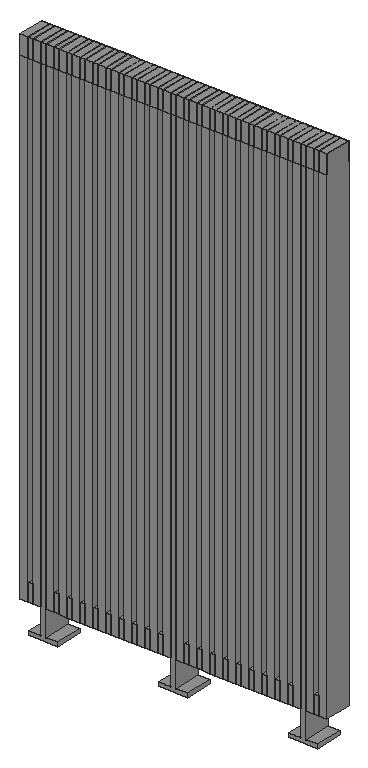
Revit family "13904 Информационный стенд «Линк» XL Хоббика", category Антураж, Revit 2018
Family settings
  На основе рабочей плоскости = Нет
  Всегда вертикально = Да
  При загрузке вырезать с полостями = Нет
  Источник визуального образа = Геометрия семейства
  Общий = Нет
  Точка расчета площади = Нет
Parameters (values of type "Информационный стенд «Линк» XL")
  Ширина = 104 mm  # constant formula
  Цвет отделки = Дерево
  Цвет каркаса = Сталь
  Описание = "Информационный стенд «Линк» XL"  # constant formula
  Материал изделия = "Сталь, дерево"  # constant formula
  Изображение типоразмера = Информационный стенд «Линк» XL Арт 13904.jpg
  Изготовитель = "ООО «Хоббика»"  # constant formula
  Длина = 1180 mm  # constant formula
  Группа модели = "Стенды и указатели"  # constant formula
  Высота = 2062 mm  # constant formula
  Артикул товара = "Арт. 13904"  # constant formula
  URL = "https://hobbyka.ru/product/informatsionnyy_stend_link_xl"
Reference planes
  plane 1 "По центру (Вперед/Назад)": y = 0
  plane 2: z = 0
  plane 3 "По центру (Влево/Вправо)": x = 0
  plane 4: x = 1180
  plane 5: y = 104
  plane 6: z = 2062
Forms (mm)
  Extrusion 1, solid, material "Дерево" <- "Цвет отделки"
    sketch origin (0, 0, 0) x (1, 0, 0) y (0, 0, 1)
      loop
        line (30, 112.904) -> (30, 2062) -> (0, 2062) -> (0, 112.904) -> (30, 112.904)
    from 0 to -105
  Extrusion 2, solid, material "Дерево" <- "Цвет отделки"
    sketch origin (1150, 0, 0) x (1, 0, 0) y (0, 0, 1)
      loop
        line (30, 112.904) -> (30, 2062) -> (0, 2062) -> (0, 112.904) -> (30, 112.904)
    from 0 to -105
  Extrusion 3, solid, material "Дерево" <- "Цвет отделки"
    sketch origin (50, 0, 0) x (1, 0, 0) y (0, 0, 1)
      loop
        line (30, 112.904) -> (30, 2062) -> (0, 2062) -> (0, 112.904) -> (30, 112.904)
    from 0 to -105
  Extrusion 4, solid, material "Дерево" <- "Цвет отделки"
    sketch origin (100, 0, 0) x (1, 0, 0) y (0, 0, 1)
      loop
        line (30, 112.904) -> (30, 2062) -> (0, 2062) -> (0, 112.904) -> (30, 112.904)
    from 0 to -105
  Extrusion 5, solid, material "Дерево" <- "Цвет отделки"
    sketch origin (150, 0, 0) x (1, 0, 0) y (0, 0, 1)
      loop
        line (30, 112.904) -> (30, 2062) -> (0, 2062) -> (0, 112.904) -> (30, 112.904)
    from 0 to -105
  Extrusion 6, solid, material "Дерево" <- "Цвет отделки"
    sketch origin (200, 0, 0) x (1, 0, 0) y (0, 0, 1)
      loop
        line (30, 112.904) -> (30, 2062) -> (0, 2062) -> (0, 112.904) -> (30, 112.904)
    from 0 to -105
  Extrusion 7, solid, material "Дерево" <- "Цвет отделки"
    sketch origin (250, 0, 0) x (1, 0, 0) y (0, 0, 1)
      loop
        line (30, 112.904) -> (30, 2062) -> (0, 2062) -> (0, 112.904) -> (30, 112.904)
    from 0 to -105
  Extrusion 8, solid, material "Дерево" <- "Цвет отделки"
    sketch origin (300, 0, 0) x (1, 0, 0) y (0, 0, 1)
      loop
        line (30, 112.904) -> (30, 2062) -> (0, 2062) -> (0, 112.904) -> (30, 112.904)
    from 0 to -105
  Extrusion 9, solid, material "Дерево" <- "Цвет отделки"
    sketch origin (350, 0, 0) x (1, 0, 0) y (0, 0, 1)
      loop
        line (30, 112.904) -> (30, 2062) -> (0, 2062) -> (0, 112.904) -> (30, 112.904)
    from 0 to -105
  Extrusion 10, solid, material "Дерево" <- "Цвет отделки"
    sketch origin (400, 0, 0) x (1, 0, 0) y (0, 0, 1)
      loop
        line (30, 112.904) -> (30, 2062) -> (0, 2062) -> (0, 112.904) -> (30, 112.904)
    from 0 to -105
  Extrusion 11, solid, material "Дерево" <- "Цвет отделки"
    sketch origin (450, 0, 0) x (1, 0, 0) y (0, 0, 1)
      loop
        line (30, 112.904) -> (30, 2062) -> (0, 2062) -> (0, 112.904) -> (30, 112.904)
    from 0 to -105
  Extrusion 12, solid, material "Дерево" <- "Цвет отделки"
    sketch origin (500, 0, 0) x (1, 0, 0) y (0, 0, 1)
      loop
        line (30, 112.904) -> (30, 2062) -> (0, 2062) -> (0, 112.904) -> (30, 112.904)
    from 0 to -105
  Extrusion 13, solid, material "Дерево" <- "Цвет отделки"
    sketch origin (550, 0, 0) x (1, 0, 0) y (0, 0, 1)
      loop
        line (30, 112.904) -> (30, 2062) -> (0, 2062) -> (0, 112.904) -> (30, 112.904)
    from 0 to -105
  Extrusion 14, solid, material "Дерево" <- "Цвет отделки"
    sketch origin (600, 0, 0) x (1, 0, 0) y (0, 0, 1)
      loop
        line (30, 112.904) -> (30, 2062) -> (0, 2062) -> (0, 112.904) -> (30, 112.904)
    from 0 to -105
  Extrusion 15, solid, material "Дерево" <- "Цвет отделки"
    sketch origin (650, 0, 0) x (1, 0, 0) y (0, 0, 1)
      loop
        line (30, 112.904) -> (30, 2062) -> (0, 2062) -> (0, 112.904) -> (30, 112.904)
    from 0 to -105
  Extrusion 16, solid, material "Дерево" <- "Цвет отделки"
    sketch origin (700, 0, 0) x (1, 0, 0) y (0, 0, 1)
      loop
        line (30, 112.904) -> (30, 2062) -> (0, 2062) -> (0, 112.904) -> (30, 112.904)
    from 0 to -105
  Extrusion 17, solid, material "Дерево" <- "Цвет отделки"
    sketch origin (0, 0, 0) x (1, 0, 0) y (0, 0, 1)
      loop
        line (50, 2062) -> (30, 2062) -> (30, 1992) -> (50, 1992) -> (50, 2062)
      loop
        line (30, 182.904) -> (30, 112.904) -> (50, 112.904) -> (50, 182.904) -> (30, 182.904)
      loop
        line (100, 2062) -> (80, 2062) -> (80, 1992) -> (100, 1992) -> (100, 2062)
      loop
        line (150, 2062) -> (130, 2062) -> (130, 1992) -> (150, 1992) -> (150, 2062)
      loop
        line (130, 182.904) -> (130, 112.904) -> (150, 112.904) -> (150, 182.904) -> (130, 182.904)
      loop
        line (200, 2062) -> (180, 2062) -> (180, 1992) -> (200, 1992) -> (200, 2062)
      loop
        line (180, 182.904) -> (180, 112.904) -> (200, 112.904) -> (200, 182.904) -> (180, 182.904)
      loop
        line (250, 2062) -> (230, 2062) -> (230, 1992) -> (250, 1992) -> (250, 2062)
      loop
        line (230, 182.904) -> (230, 112.904) -> (250, 112.904) -> (250, 182.904) -> (230, 182.904)
      loop
        line (300, 2062) -> (280, 2062) -> (280, 1992) -> (300, 1992) -> (300, 2062)
      loop
        line (280, 182.904) -> (280, 112.904) -> (300, 112.904) -> (300, 182.904) -> (280, 182.904)
      loop
        line (350, 2062) -> (330, 2062) -> (330, 1992) -> (350, 1992) -> (350, 2062)
      loop
        line (330, 182.904) -> (330, 112.904) -> (350, 112.904) -> (350, 182.904) -> (330, 182.904)
      loop
        line (400, 2062) -> (380, 2062) -> (380, 1992) -> (400, 1992) -> (400, 2062)
      loop
        line (380, 182.904) -> (380, 112.904) -> (400, 112.904) -> (400, 182.904) -> (380, 182.904)
      loop
        line (450, 2062) -> (430, 2062) -> (430, 1992) -> (450, 1992) -> (450, 2062)
      loop
        line (430, 182.904) -> (430, 112.904) -> (450, 112.904) -> (450, 182.904) -> (430, 182.904)
      loop
        line (500, 2062) -> (480, 2062) -> (480, 1992) -> (500, 1992) -> (500, 2062)
      loop
        line (480, 182.904) -> (480, 112.904) -> (500, 112.904) -> (500, 182.904) -> (480, 182.904)
      loop
        line (550, 2062) -> (530, 2062) -> (530, 1992) -> (550, 1992) -> (550, 2062)
      loop
        line (530, 182.904) -> (530, 112.904) -> (550, 112.904) -> (550, 182.904) -> (530, 182.904)
      loop
        line (600, 2062) -> (580, 2062) -> (580, 1992) -> (600, 1992) -> (600, 2062)
      loop
        line (650, 2062) -> (630, 2062) -> (630, 1992) -> (650, 1992) -> (650, 2062)
      loop
        line (630, 182.904) -> (630, 112.904) -> (650, 112.904) -> (650, 182.904) -> (630, 182.904)
      loop
        line (700, 2062) -> (680, 2062) -> (680, 1992) -> (700, 1992) -> (700, 2062)
      loop
        line (750, 2062) -> (730, 2062) -> (730, 1992) -> (750, 1992) -> (750, 2062)
      loop
        line (1130, 182.904) -> (1130, 112.904) -> (1150, 112.904) -> (1150, 182.904) -> (1130, 182.904)
      loop
        line (680, 182.904) -> (680, 112.904) -> (700, 112.904) -> (700, 182.904) -> (680, 182.904)
      loop
        line (730, 182.904) -> (730, 112.904) -> (750, 112.904) -> (750, 182.904) -> (730, 182.904)
      loop
        line (780, 182.904) -> (780, 112.904) -> (800, 112.904) -> (800, 182.904) -> (780, 182.904)
      loop
        line (830, 182.904) -> (830, 112.904) -> (850, 112.904) -> (850, 182.904) -> (830, 182.904)
      loop
        line (880, 182.904) -> (880, 112.904) -> (900, 112.904) -> (900, 182.904) -> (880, 182.904)
      loop
        line (930, 182.904) -> (930, 112.904) -> (950, 112.904) -> (950, 182.904) -> (930, 182.904)
      loop
        line (980, 182.904) -> (980, 112.904) -> (1000, 112.904) -> (1000, 182.904) -> (980, 182.904)
      loop
        line (1030, 182.904) -> (1030, 112.904) -> (1050, 112.904) -> (1050, 182.904) -> (1030, 182.904)
      loop
        line (800, 2062) -> (780, 2062) -> (780, 1992) -> (800, 1992) -> (800, 2062)
      loop
        line (850, 2062) -> (830, 2062) -> (830, 1992) -> (850, 1992) -> (850, 2062)
      loop
        line (900, 2062) -> (880, 2062) -> (880, 1992) -> (900, 1992) -> (900, 2062)
      loop
        line (950, 2062) -> (930, 2062) -> (930, 1992) -> (950, 1992) -> (950, 2062)
      loop
        line (1000, 2062) -> (980, 2062) -> (980, 1992) -> (1000, 1992) -> (1000, 2062)
      loop
        line (1050, 2062) -> (1030, 2062) -> (1030, 1992) -> (1050, 1992) -> (1050, 2062)
      loop
        line (1100, 2062) -> (1080, 2062) -> (1080, 1992) -> (1100, 1992) -> (1100, 2062)
      loop
        line (1150, 2062) -> (1130, 2062) -> (1130, 1992) -> (1150, 1992) -> (1150, 2062)
    from 0 to -105
  Extrusion 18, solid, material "Сталь" <- "Цвет каркаса"
    sketch origin (0, 0, 0) x (1, 0, 0) y (0, 0, 1)
      loop
        line (80, 1992) -> (80, 15) -> (35, 15) -> (35, 0) -> (145, 0) -> (145, 15) -> (100, 15) -> (100, 1992) -> (80, 1992)
      loop
        line (1080, 1992) -> (1080, 15) -> (1035, 15) -> (1035, 0) -> (1145, 0) -> (1145, 15) -> (1100, 15) -> (1100, 1992) -> (1080, 1992)
      loop
        line (580, 1992) -> (580, 15) -> (535, 15) -> (535, 0) -> (645, 0) -> (645, 15) -> (600, 15) -> (600, 1992) -> (580, 1992)
    from 0 to -105
  Extrusion 19, solid, material "Сталь" <- "Цвет каркаса"
    sketch origin (0, 0, 0) x (0, 1, 0) y (0, 0, 1)
      loop
        line (0, 1992) -> (0, 2062) -> (105, 2062) -> (105, 1992) -> (105.8, 1992) -> (105.8, 2062.8) -> (-0.8, 2062.8) -> (-0.8, 1992) -> (0, 1992)
    from 0 to 1180
  Extrusion 20, solid, material "Сталь" <- "Цвет каркаса"
    sketch origin (0, 0, 60) x (0, 1, 0) y (0, 0, 1)
      loop
        line (104, 1243.722) -> (104, 1077) -> (105.5, 1077) -> (105.5, 1243.722) -> (104, 1243.722)
    from 650 to 880
  Extrusion 21, solid, material "Сталь" <- "Цвет каркаса"
    sketch origin (0, 0, 60) x (0, 1, 0) y (0, 0, 1)
      loop
        line (104, 1658.323) -> (104, 1077) -> (105.5, 1077) -> (105.5, 1658.323) -> (104, 1658.323)
    from 50 to 630
  Extrusion 22, solid, material "Сталь" <- "Цвет каркаса"
    sketch origin (0, 0, 60) x (0, 1, 0) y (0, 0, 1)
      loop
        line (104, 1865.371) -> (104, 1682) -> (105.5, 1682) -> (105.5, 1865.371) -> (104, 1865.371)
    from 250 to 1130
  Extrusion 23, solid, material "Сталь" <- "Цвет каркаса"
    sketch origin (0, 0, 60) x (0, 1, 0) y (0, 0, 1)
      loop
        line (104, 1865.371) -> (104, 1682) -> (105.5, 1682) -> (105.5, 1865.371) -> (104, 1865.371)
    from 50 to 230
  Extrusion 24, solid, material "Дерево" <- "Цвет отделки"
    sketch origin (750, 0, 0) x (1, 0, 0) y (0, 0, 1)
      loop
        line (30, 112.904) -> (30, 2062) -> (0, 2062) -> (0, 112.904) -> (30, 112.904)
    from 0 to -105
  Extrusion 25, solid, material "Дерево" <- "Цвет отделки"
    sketch origin (800, 0, 0) x (1, 0, 0) y (0, 0, 1)
      loop
        line (30, 112.904) -> (30, 2062) -> (0, 2062) -> (0, 112.904) -> (30, 112.904)
    from 0 to -105
  Extrusion 26, solid, material "Дерево" <- "Цвет отделки"
    sketch origin (850, 0, 0) x (1, 0, 0) y (0, 0, 1)
      loop
        line (30, 112.904) -> (30, 2062) -> (0, 2062) -> (0, 112.904) -> (30, 112.904)
    from 0 to -105
  Extrusion 27, solid, material "Дерево" <- "Цвет отделки"
    sketch origin (900, 0, 0) x (1, 0, 0) y (0, 0, 1)
      loop
        line (30, 112.904) -> (30, 2062) -> (0, 2062) -> (0, 112.904) -> (30, 112.904)
    from 0 to -105
  Extrusion 28, solid, material "Дерево" <- "Цвет отделки"
    sketch origin (950, 0, 0) x (1, 0, 0) y (0, 0, 1)
      loop
        line (30, 112.904) -> (30, 2062) -> (0, 2062) -> (0, 112.904) -> (30, 112.904)
    from 0 to -105
  Extrusion 29, solid, material "Дерево" <- "Цвет отделки"
    sketch origin (1000, 0, 0) x (1, 0, 0) y (0, 0, 1)
      loop
        line (30, 112.904) -> (30, 2062) -> (0, 2062) -> (0, 112.904) -> (30, 112.904)
    from 0 to -105
  Extrusion 30, solid, material "Дерево" <- "Цвет отделки"
    sketch origin (1050, 0, 0) x (1, 0, 0) y (0, 0, 1)
      loop
        line (30, 112.904) -> (30, 2062) -> (0, 2062) -> (0, 112.904) -> (30, 112.904)
    from 0 to -105
  Extrusion 31, solid, material "Дерево" <- "Цвет отделки"
    sketch origin (1100, 0, 0) x (1, 0, 0) y (0, 0, 1)
      loop
        line (30, 112.904) -> (30, 2062) -> (0, 2062) -> (0, 112.904) -> (30, 112.904)
    from 0 to -105
  Extrusion 32, solid, material "Сталь" <- "Цвет каркаса"
    sketch origin (0, 0, 470) x (0, 1, 0) y (0, 0, 1)
      loop
        line (104, 1248.323) -> (104, 870.371) -> (105.5, 870.371) -> (105.5, 1248.323) -> (104, 1248.323)
    from 650 to 1130
  Extrusion 33, solid, material "Сталь" <- "Цвет каркаса"
    sketch origin (0, 0, 60) x (0, 1, 0) y (0, 0, 1)
      loop
        line (104, 1243.722) -> (104, 1077) -> (105.5, 1077) -> (105.5, 1243.722) -> (104, 1243.722)
    from 900 to 1130
Dimensions and locks
  "Ширина": plane 5 to plane 1 "По центру (Вперед/Назад)"
  "Длина": plane 3 "По центру (Влево/Вправо)" to plane 4
  "Высота": plane 6 to plane 2
  plane 4 to plane 3 "По центру (Влево/Вправо)" = 1180 mm
  equal spacing: group 1, group 3, group 4, group 5, group 6, group 7, group 8, group 9, group 10, group 11, group 12, group 13, group 14, group 15, group 16, group 17, group 18, group 19, group 20, group 21, group 22, group 23, group 24, group 2  (x3)
  aligned and locked: level to plane 2
Automatic sketch dimensions
  Extrusion 1 sketch curve to Extrusion 1 sketch curve = 30 mm
  Extrusion 1 sketch curve to Extrusion 1 sketch curve = 1949.096 mm
  Extrusion 2 sketch curve to Extrusion 2 sketch curve = 30 mm
  Extrusion 2 sketch curve to Extrusion 2 sketch curve = 1949.096 mm
  Extrusion 3 sketch curve to Extrusion 3 sketch curve = 30 mm
  Extrusion 3 sketch curve to Extrusion 3 sketch curve = 1949.096 mm
  Extrusion 4 sketch curve to Extrusion 4 sketch curve = 30 mm
  Extrusion 4 sketch curve to Extrusion 4 sketch curve = 1949.096 mm
  Extrusion 5 sketch curve to Extrusion 5 sketch curve = 30 mm
  Extrusion 5 sketch curve to Extrusion 5 sketch curve = 1949.096 mm
  Extrusion 6 sketch curve to Extrusion 6 sketch curve = 30 mm
  Extrusion 6 sketch curve to Extrusion 6 sketch curve = 1949.096 mm
  Extrusion 7 sketch curve to Extrusion 7 sketch curve = 30 mm
  Extrusion 7 sketch curve to Extrusion 7 sketch curve = 1949.096 mm
  Extrusion 8 sketch curve to Extrusion 8 sketch curve = 30 mm
  Extrusion 8 sketch curve to Extrusion 8 sketch curve = 1949.096 mm
  Extrusion 9 sketch curve to Extrusion 9 sketch curve = 30 mm
  Extrusion 9 sketch curve to Extrusion 9 sketch curve = 1949.096 mm
  Extrusion 10 sketch curve to Extrusion 10 sketch curve = 30 mm
  Extrusion 10 sketch curve to Extrusion 10 sketch curve = 1949.096 mm
  Extrusion 11 sketch curve to Extrusion 11 sketch curve = 30 mm
  Extrusion 11 sketch curve to Extrusion 11 sketch curve = 1949.096 mm
  Extrusion 12 sketch curve to Extrusion 12 sketch curve = 30 mm
  Extrusion 12 sketch curve to Extrusion 12 sketch curve = 1949.096 mm
  Extrusion 13 sketch curve to Extrusion 13 sketch curve = 30 mm
  Extrusion 13 sketch curve to Extrusion 13 sketch curve = 1949.096 mm
  Extrusion 14 sketch curve to Extrusion 14 sketch curve = 30 mm
  Extrusion 14 sketch curve to Extrusion 14 sketch curve = 1949.096 mm
  Extrusion 15 sketch curve to Extrusion 15 sketch curve = 30 mm
  Extrusion 15 sketch curve to Extrusion 15 sketch curve = 1949.096 mm
  Extrusion 16 sketch curve to Extrusion 16 sketch curve = 30 mm
  Extrusion 16 sketch curve to Extrusion 16 sketch curve = 1949.096 mm
  Extrusion 24 sketch curve to Extrusion 24 sketch curve = 30 mm
  Extrusion 24 sketch curve to Extrusion 24 sketch curve = 1949.096 mm
  Extrusion 25 sketch curve to Extrusion 25 sketch curve = 30 mm
  Extrusion 25 sketch curve to Extrusion 25 sketch curve = 1949.096 mm
  Extrusion 26 sketch curve to Extrusion 26 sketch curve = 30 mm
  Extrusion 26 sketch curve to Extrusion 26 sketch curve = 1949.096 mm
  Extrusion 27 sketch curve to Extrusion 27 sketch curve = 30 mm
  Extrusion 27 sketch curve to Extrusion 27 sketch curve = 1949.096 mm
  Extrusion 28 sketch curve to Extrusion 28 sketch curve = 30 mm
  Extrusion 28 sketch curve to Extrusion 28 sketch curve = 1949.096 mm
  Extrusion 29 sketch curve to Extrusion 29 sketch curve = 30 mm
  Extrusion 29 sketch curve to Extrusion 29 sketch curve = 1949.096 mm
  Extrusion 30 sketch curve to Extrusion 30 sketch curve = 30 mm
  Extrusion 30 sketch curve to Extrusion 30 sketch curve = 1949.096 mm
  Extrusion 31 sketch curve to Extrusion 31 sketch curve = 30 mm
  Extrusion 31 sketch curve to Extrusion 31 sketch curve = 1949.096 mm
  Extrusion 17 sketch curve to plane 6 = 0 mm  (x23)
  plane 3 "По центру (Влево/Вправо)" to Extrusion 17 sketch curve = 30 mm  (x2)
  Extrusion 17 sketch curve to Extrusion 17 sketch curve = 20 mm  (x43)
  Extrusion 17 sketch curve to Extrusion 17 sketch curve = 30 mm  (x38)
  Extrusion 17 sketch curve to Extrusion 17 sketch curve = 80 mm  (x2)
  Extrusion 17 sketch curve to plane 4 = 50 mm
  Extrusion 17 sketch curve to plane 6 = 70 mm  (x4)
  Extrusion 17 sketch curve to Extrusion 17 sketch curve = 0 mm  (x49)
  level to Extrusion 17 sketch curve = 182.904 mm  (x3)
  Extrusion 17 sketch curve to Extrusion 17 sketch curve = 70 mm  (x7)
  Extrusion 18 sketch curve to level = 0 mm  (x3)
  level to Extrusion 18 sketch curve = 15 mm  (x6)
  plane 3 "По центру (Влево/Вправо)" to Extrusion 18 sketch curve = 35 mm
  plane 3 "По центру (Влево/Вправо)" to Extrusion 18 sketch curve = 80 mm
  Extrusion 18 sketch curve to Extrusion 18 sketch curve = 20 mm  (x3)
  Extrusion 18 sketch curve to Extrusion 18 sketch curve = 45 mm  (x3)
  Extrusion 18 sketch curve to Extrusion 18 sketch curve = 390 mm
  Extrusion 18 sketch curve to plane 6 = 70 mm  (x3)
  Extrusion 18 sketch curve to Extrusion 18 sketch curve = 480 mm
  Extrusion 18 sketch curve to plane 4 = 145 mm
  Extrusion 18 sketch curve to plane 4 = 35 mm
  Extrusion 19 sketch curve to plane 1 "По центру (Вперед/Назад)" = 0 mm
  plane 5 to Extrusion 19 sketch curve = 1 mm
  Extrusion 19 sketch curve to plane 6 = 0 mm
  plane 1 "По центру (Вперед/Назад)" to Extrusion 19 sketch curve = 0.8 mm
  plane 5 to Extrusion 19 sketch curve = 1.8 mm
  Extrusion 19 sketch curve to plane 6 = 70 mm
  Extrusion 19 sketch curve to Extrusion 19 sketch curve = 70 mm
  plane 6 to Extrusion 19 sketch curve = 0.8 mm
  Extrusion 20 sketch curve to plane 5 = 0 mm
  plane 5 to Extrusion 20 sketch curve = 1.5 mm
  Extrusion 20 sketch curve to plane 6 = 925 mm
  Extrusion 20 sketch curve to Extrusion 20 sketch curve = 166.722 mm
  Extrusion 21 sketch curve to plane 5 = 0 mm
  plane 5 to Extrusion 21 sketch curve = 1.5 mm
  Extrusion 21 sketch curve to plane 6 = 925 mm
  Extrusion 21 sketch curve to plane 6 = 343.677 mm
  Extrusion 22 sketch curve to plane 5 = 0 mm
  plane 5 to Extrusion 22 sketch curve = 1.5 mm
  Extrusion 22 sketch curve to plane 6 = 320 mm
  Extrusion 22 sketch curve to plane 6 = 136.629 mm
  Extrusion 23 sketch curve to plane 5 = 0 mm
  plane 5 to Extrusion 23 sketch curve = 1.5 mm
  Extrusion 23 sketch curve to plane 6 = 320 mm
  Extrusion 23 sketch curve to plane 6 = 136.629 mm
  Extrusion 32 sketch curve to plane 5 = 0 mm
  plane 5 to Extrusion 32 sketch curve = 1.5 mm
  Extrusion 32 sketch curve to plane 6 = 721.629 mm
  Extrusion 32 sketch curve to plane 6 = 343.677 mm
  Extrusion 33 sketch curve to plane 5 = 0 mm
  plane 5 to Extrusion 33 sketch curve = 1.5 mm
  Extrusion 33 sketch curve to plane 6 = 925 mm
  Extrusion 33 sketch curve to Extrusion 33 sketch curve = 166.722 mm
